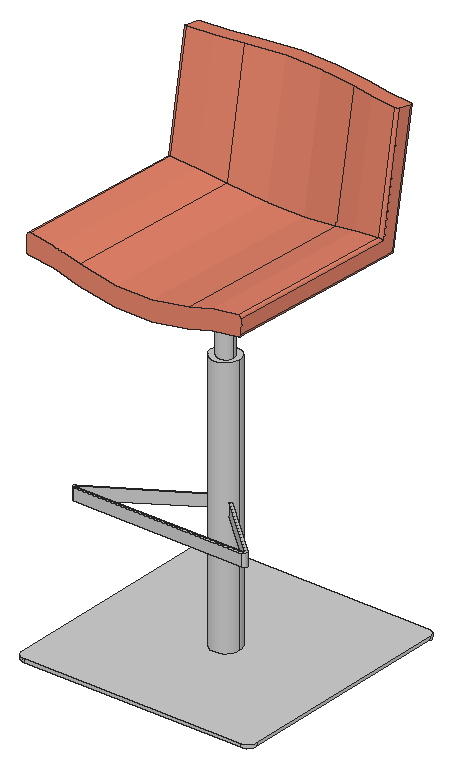
Revit family "FU_Chair_Sandler_Wave 901-45", category Furniture, Revit 2020
Family settings
  OmniClass Number = 23.40.20.00
  OmniClass Title = General Furniture and Specialties
  Work Plane-Based = No
  Always vertical = Yes
  Cut with Voids When Loaded = No
  Shared = No
  Room Calculation Point = No
Parameters (values of type "Wave 901.45")
  Width = 500 mm
  URL = "https://www.sandlerseating.com/product/wave-901-45/"
  Seat [instance] = Fabric - Manhattan - Lexington YI113
  Model = "Wave 901.45"
  Manufacturer = "Sandler"
  Height = 1030 mm
  Frame [instance] = Metal - Chrome - Matt
  Description = "Upholstered barstool with matt stainless steel base. 360 Swivel no memory return."
  Depth = 500 mm
  Default Elevation = 0 mm
Reference planes
  plane 1 "Center (Front/Back)": y = 0
  plane 2: z = 0
  plane 3 "Center (Left/Right)": x = 0
  plane 4 "Right": x = -250
  plane 5 "Left": x = 250
  plane 6 "Back": y = 250
  plane 7 "Front": y = -250
  plane 8 "Height": z = 1030
  plane 9 "Seat height": z = 780
  plane 10 "Seat Angle RIGHT": through (4267.2, -250, 742.217) normal (0, 0.0447, 0.999)
  plane 11 "Back Angle RIGHT": through (4267.2, 192.982, 722.397) normal (0, -0.983, 0.1835)
  plane 12 "Foot Rest RIGHT": through (4267.2, -182.046, 309.179) normal (0, 0.1688, 0.9856)
Forms (mm)
  Sweep 1, solid, material "Fabric - Manhattan - Lexington YI113" <- "Seat"
    path origin (0, 0, 50) x (0, 1, 0) y (0, 0, 1)
      loop
        line (-248.067, 692.131) -> (192.982, 672.397) -> (248.065, 967.419)
    profile "pro_Wave_Stool Seat : pro_Wave_Stool Seat" origin (0, -27.542, 732.264) x (0, 0.044698, 0.999001) y (1, 0, 0)
      loop
        arc (42.162, 228.16) -> (38.729, 226.795) -> (37.17, 223.447) r 5
        arc (37.17, 223.447) -> (30.23, 169.401) -> (15.784, 116.861) r 387.817
        arc (15.784, 116.861) -> (0, 0) -> (15.784, -116.861) r 440.496
        arc (15.784, -116.861) -> (30.23, -169.401) -> (37.17, -223.447) r 387.817
        arc (37.17, -223.447) -> (38.729, -226.795) -> (42.162, -228.16) r 5
        line (42.162, -228.16) -> (71.5, -228.16)
        arc (71.5, -228.16) -> (75.884, -226.248) -> (77.467, -221.736) r 5.983
        arc (77.467, -221.736) -> (70.113, -168.41) -> (56.09, -116.437) r 425.895
        arc (56.09, -116.437) -> (40.481, 0) -> (56.09, 116.437) r 442.091
        arc (56.09, 116.437) -> (70.113, 168.41) -> (77.467, 221.736) r 425.895
        arc (77.467, 221.736) -> (75.884, 226.248) -> (71.5, 228.16) r 5.983
        line (71.5, 228.16) -> (42.162, 228.16)
  Extrusion 2, solid, material "Metal - Chrome - Matt" <- "Frame"
    sketch origin (0, 0, 0) x (1, 0, 0) y (0, 1, 0)
      loop
        arc (-230, 250) -> (-244.142, 244.142) -> (-250, 230) r 20
        line (-250, 230) -> (-250, -230)
        arc (-250, -230) -> (-244.142, -244.142) -> (-230, -250) r 20
        line (-230, -250) -> (230, -250)
        arc (230, -250) -> (244.142, -244.142) -> (250, -230) r 20
        line (250, -230) -> (250, 230)
        arc (250, 230) -> (244.142, 244.142) -> (230, 250) r 20
        line (230, 250) -> (-230, 250)
    from 0 to 6
  Extrusion 3, solid, material "Metal - Chrome - Matt" <- "Frame"
    sketch origin (0, 0, 0) x (1, 0, 0) y (0, 1, 0)
      loop
        circle (0, -2.572) r 30
    from 0 to 560
  Extrusion 4, solid, material "Metal - Chrome - Matt" <- "Frame"
    sketch origin (0, 0, 0) x (1, 0, 0) y (0, 1, 0)
      loop
        line (-179.101, -174.892) -> (-21.655, -20.749) -> (-25.544, -16.86) -> (-182.955, -170.968)
        arc (-182.955, -170.968) -> (-184.417, -178.026) -> (-178.435, -182.046) r 6.461
        line (-178.435, -182.046) -> (178.435, -182.046)
        arc (178.435, -182.046) -> (184.417, -178.026) -> (182.955, -170.968) r 6.461
        line (182.955, -170.968) -> (25.544, -16.86) -> (21.655, -20.749) -> (179.101, -174.892)
        arc (179.101, -174.892) -> (179.319, -175.946) -> (178.426, -176.546) r 0.965
        line (178.426, -176.546) -> (-178.426, -176.546)
        arc (-178.426, -176.546) -> (-179.319, -175.946) -> (-179.101, -174.892) r 0.965
    from 265 to 324
  Extrusion 5, void
    sketch origin (0, 0, 0) x (0, 1, 0) y (0, 0, 1)
      loop
        line (-8.538, 291.83) -> (-8.538, 326.679) -> (-186.364, 326.679) -> (-186.364, 321.679) -> (-177.046, 321.679) -> (-8.538, 291.83)
      loop
        line (-8.538, 266.891) -> (-182.046, 296.606) -> (-186.364, 296.606) -> (-186.364, 261.679) -> (-8.538, 261.679) -> (-8.538, 266.891)
    from -192 to 192
  Extrusion 6, solid, material "Metal - Chrome - Matt" <- "Frame"
    sketch origin (0, 32.643, 729.571) x (0, -0.999001, 0.044698) y (1, 0, 0)
      loop
        circle (40.096, 0) r 88.123
    from -5.719 to 15.777
  Extrusion 7, solid, material "Metal - Chrome - Matt" <- "Frame"
    sketch origin (0, 0, 0) x (1, 0, 0) y (0, 1, 0)
      loop
        circle (0, -2.572) r 30
    from 685 to 735
  Extrusion 8, solid, material "Metal - Chrome - Matt" <- "Frame"
    sketch origin (0, 0, 0) x (1, 0, 0) y (0, 1, 0)
      loop
        circle (0, -2.572) r 17.5
    from 527.841 to 716.602
Cuts and joins
  Extrusion 5 cuts Extrusion 4
  joined: Extrusion 2, Extrusion 3, Extrusion 4, Extrusion 6
Dimensions and locks
  equal spacing: plane 4 "Right", plane 3 "Center (Left/Right)", plane 5 "Left"
  "Width": plane 4 "Right" to plane 5 "Left"
  equal spacing: plane 6 "Back", plane 1 "Center (Front/Back)", plane 7 "Front"
  "Depth": plane 6 "Back" to plane 7 "Front"
  "Height": plane 8 "Height" to level
  plane 9 "Seat height" to level = 780 mm
  aligned and locked: level to plane 2
Automatic sketch dimensions
  Sweep 1 sketch curve to plane 10 "Seat Angle RIGHT" = 0 mm  (x2)
  Sweep 1 sketch curve to plane 11 "Back Angle RIGHT" = 0 mm  (x2)
  plane 7 "Front" to Sweep 1 sketch curve = 1.933 mm
  Sweep 1 sketch curve to plane 6 "Back" = 1.935 mm
  Extrusion 2 sketch curve to plane 4 "Right" = 0 mm
  Extrusion 2 sketch curve to plane 6 "Back" = 0 mm
  Extrusion 2 sketch curve to plane 7 "Front" = 0 mm
  Extrusion 2 sketch curve to plane 5 "Left" = 0 mm
  Extrusion 2 sketch curve to Extrusion 2 sketch curve = 20 mm  (x2)
  plane 5 "Left" to Extrusion 2 sketch curve = 20 mm  (x2)
  plane 1 "Center (Front/Back)" to Extrusion 3 sketch curve = 2.572 mm
  Extrusion 3 sketch curve to plane 3 "Center (Left/Right)" = 0 mm
  plane 7 "Front" to Extrusion 4 sketch curve = 79.032 mm  (x2)
  Extrusion 4 sketch curve to plane 4 "Right" = 67.045 mm
  plane 7 "Front" to Extrusion 4 sketch curve = 75.108 mm  (x2)
  Extrusion 4 sketch curve to Extrusion 4 sketch curve = 3.854 mm  (x2)
  Extrusion 4 sketch curve to Extrusion 4 sketch curve = 0.665 mm  (x2)
  Extrusion 4 sketch curve to Extrusion 4 sketch curve = 0.009 mm  (x2)
  Extrusion 4 sketch curve to plane 3 "Center (Left/Right)" = 25.544 mm
  Extrusion 4 sketch curve to Extrusion 4 sketch curve = 3.889 mm  (x4)
  plane 3 "Center (Left/Right)" to Extrusion 4 sketch curve = 21.655 mm
  plane 7 "Front" to Extrusion 4 sketch curve = 73.454 mm
  plane 5 "Left" to Extrusion 4 sketch curve = 71.574 mm
  Extrusion 4 sketch curve to Extrusion 4 sketch curve = 5.5 mm
  plane 1 "Center (Front/Back)" to Extrusion 4 sketch curve = 20.749 mm
  Extrusion 4 sketch curve to Extrusion 4 sketch curve = 0 mm
  plane 7 "Front" to Extrusion 5 sketch curve = 63.636 mm
  Extrusion 5 sketch curve to Extrusion 5 sketch curve = 0 mm
  Extrusion 5 sketch curve to Extrusion 5 sketch curve = 4.318 mm
  Extrusion 5 sketch curve to Extrusion 5 sketch curve = 9.318 mm
  plane 1 "Center (Front/Back)" to Extrusion 5 sketch curve = 8.538 mm  (x2)
  level to Extrusion 5 sketch curve = 261.679 mm
  Extrusion 5 sketch curve to Extrusion 5 sketch curve = 5.212 mm
  Extrusion 5 sketch curve to Extrusion 5 sketch curve = 24.939 mm
  Extrusion 5 sketch curve to Extrusion 5 sketch curve = 34.927 mm
  Extrusion 5 sketch curve to Extrusion 5 sketch curve = 25.073 mm
  Extrusion 5 sketch curve to Extrusion 5 sketch curve = 34.85 mm
  Extrusion 6 sketch curve to plane 3 "Center (Left/Right)" = 0 mm
  Extrusion 7 sketch curve to plane 3 "Center (Left/Right)" = 0 mm
  plane 1 "Center (Front/Back)" to Extrusion 7 sketch curve = 2.572 mm
  Extrusion 8 sketch curve to plane 3 "Center (Left/Right)" = 0 mm
  plane 1 "Center (Front/Back)" to Extrusion 8 sketch curve = 2.572 mm
  radius of Extrusion 3 sketch curve = 30 mm
  radius of Extrusion 6 sketch curve = 88.123 mm
  radius of Extrusion 7 sketch curve = 30 mm
  radius of Extrusion 8 sketch curve = 17.5 mm
